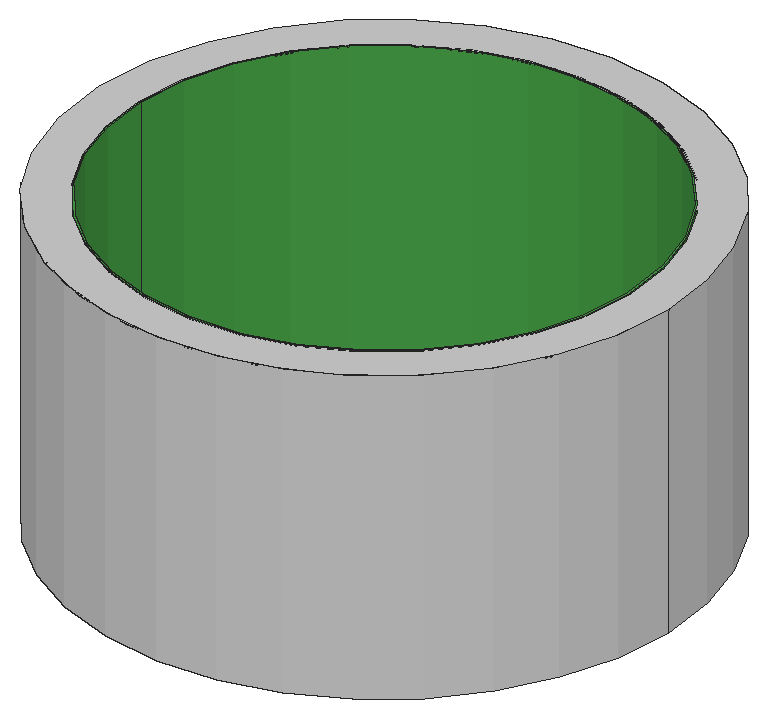
Revit family "Кольца стеновые с футеровкой анкерными листами V-Lock -ПБК ЭКОВЭЛЛ-", category Обобщенные модели, Revit 2015
Parameters (values of type "КС-10.6-ФУТ "ПБК ЭКОВЭЛЛ" с анкерными листами V-Lock")
  Толщина стенки = 80 mm
  Тип материалов покрытия = Полиэтилен низкого давления
  Тип бетона = БСТ B20 П1 F200 W4 ГОСТ 7473-2010
  Сайт изготовителя = "http://gisspb.ru/"
  Масса = 412.00 kg
  Изготовитель = "ООО \"ГИС\""
  Документ регламентирующий производство = "ТУ 5855-001-23107031-2013"
  Город и страна производства = "Санкт-Петербург, Российская Федерация"
  Высота = 590 mm
  Внутрений диаметр по футеровке = Внутрений диаметр - 8 mm  # 992 mm
  Внутрений диаметр = 1000 mm
  Внешний диаметр = Внутрений диаметр + 2 * Толщина стенки  # 1160 mm
Types (8, lengths in mm): name | Толщина стенки | Масса | Высота | Внутрений диаметр по футеровке | Внутрений диаметр | Внешний диаметр
  КС-20.9-ФУТ "ПБК ЭКОВЭЛЛ" с анкерными листами V-Lock | 100 | 1516.00 kg | 890 | 1992 | 2000 | 2200
  КС-20.6-ФУТ "ПБК ЭКОВЭЛЛ" с анкерными листами V-Lock | 100 | 1004.00 kg | 590 | 1992 | 2000 | 2200
  КС-15.9-ФУТ "ПБК ЭКОВЭЛЛ" с анкерными листами V-Lock | 90 | 1027.00 kg | 890 | 1492 | 1500 | 1680
  КС-15.6-ФУТ "ПБК ЭКОВЭЛЛ" с анкерными листами V-Lock | 90 | 618.00 kg | 590 | 1492 | 1500 | 1680
  КС-15.3-ФУТ "ПБК ЭКОВЭЛЛ" с анкерными листами V-Lock | 90 | 412.00 kg | 290 | 1492 | 1500 | 1680
  КС-10.9-ФУТ "ПБК ЭКОВЭЛЛ" с анкерными листами V-Lock | 80 | 618.00 kg | 890 | 992 | 1000 | 1160
  КС-10.6-ФУТ "ПБК ЭКОВЭЛЛ" с анкерными листами V-Lock | 80 | 412.00 kg | 590 | 992 | 1000 | 1160
  КС-10.3-ФУТ "ПБК ЭКОВЭЛЛ" с анкерными листами V-Lock | 80 | 206.00 kg | 290 | 992 | 1000 | 1160
Reference planes
  plane 1 "По центру (Вперед/Назад)": y = 0
  plane 2: z = 0
  plane 3 "По центру (Влево/Вправо)": x = 0
  plane 4: x = 580
  plane 5: x = -580
  plane 6: x = -500
  plane 7: x = 500
  plane 8: y = 580
  plane 9: y = 500
  plane 10: y = -500
  plane 11: y = -580
  plane 12: z = 590
Forms (mm)
  Extrusion 1, solid, material "БСТ B20 П1 F200 W4 ГОСТ 7473-2010" <- "Тип бетона"
    sketch origin (0, 0, 0) x (1, 0, 0) y (0, 1, 0)
      loop
        circle (0, 0) r 580
      loop
        circle (0, 0) r 500
    from 0 to 590 <- "Высота"
  Extrusion 2, solid, material "Полиэтилен низкого давления" <- "Тип материалов покрытия"
    sketch origin (0, 0, 0) x (1, 0, 0) y (0, 1, 0)
      loop
        circle (0, 0) r 500
      loop
        circle (0, 0) r 496
    from 0 to 590 <- "Высота"
Dimensions and locks
  equal spacing: plane 6, plane 3 "По центру (Влево/Вправо)", plane 7
  "Толщина стенки": plane 7 to plane 4
  "Толщина стенки": plane 5 to plane 6
  equal spacing: plane 9, plane 1 "По центру (Вперед/Назад)", plane 10
  "Толщина стенки": plane 8 to plane 9
  "Толщина стенки": plane 10 to plane 11
  "Внутрений диаметр": plane 9 to plane 10
  "Внутрений диаметр": plane 6 to plane 7
  "Высота": plane 12 to level
  "Внутрений диаметр": diameter of Extrusion 1 sketch curve
  "Внешний диаметр": diameter of Extrusion 1 sketch curve
  "Внутрений диаметр": diameter of Extrusion 2 sketch curve
  "Внутрений диаметр по футеровке": diameter of Extrusion 2 sketch curve
  aligned and locked: level to plane 2
Automatic sketch dimensions
  Extrusion 1 sketch curve to Extrusion 1 sketch curve = 0 mm  (x2)
  plane 1 "По центру (Вперед/Назад)" to Extrusion 1 sketch curve = 0 mm
  Extrusion 1 sketch curve to plane 3 "По центру (Влево/Вправо)" = 0 mm
  Extrusion 2 sketch curve to Extrusion 2 sketch curve = 0 mm  (x2)
  plane 1 "По центру (Вперед/Назад)" to Extrusion 2 sketch curve = 0 mm
  Extrusion 2 sketch curve to plane 3 "По центру (Влево/Вправо)" = 0 mm
